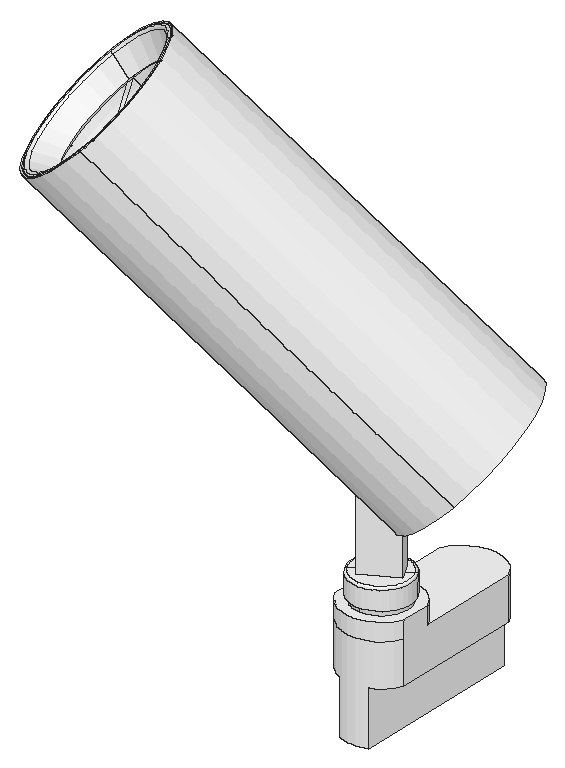
Revit family "0005448", category Lighting Fixtures, host Face, Revit 2017 (continued)
Definition of nested family "START Track Spot Integral Head"
  Types (3, lengths in mm): name | Photometric Web File | built-in parameter 1150142
    0005448 - 36 | "0005448_36.ies" | "IESNA:LM-63-2002\r\n[TEST] 202010556\r\n[TESTLAB] \r\n[TESTDATE] 25 May 2020\r\n[ISSUEDATE] 25 May 2020\r\n[MANUFAC] Sylvania\r\n[LUMCAT] 202010556\r\n[LUMINAIRE] FT1080-W-4000£¨36¡ã£©\r\n[FLASHAREA] 0.000985\r\n[LAMPCAT] 202010556\r\n[LAMP] LED 32W - 31.32 W\r\nTILT=NONE\r\n1 2907.00 1.0 181 4 1 2 -0.072 -0.072 0.000\r\n1.00 1.00 31.32\r\n0.00 1.00 2.00 3.00 4.00 5.00 6.00 7.00 8.00 9.00 10.00 \r\n11.00 12.00 13.00 14.00 15.00 16.00 17.00 18.00 19.00 \r\n20.00 21.00 22.00 23.00 24.00 25.00 26.00 27.00 28.00 \r\n29.00 30.00 31.00 32.00 33.00 34.00 35.00 36.00 37.00 \r\n38.00 39.00 40.00 41.00 42.00 43.00 44.00 45.00 46.00 \r\n47.00 48.00 49.00 50.00 51.00 52.00 53.00 54.00 55.00 \r\n56.00 57.00 58.00 59.00 60.00 61.00 62.00 63.00 64.00 \r\n65.00 66.00 67.00 68.00 69.00 70.00 71.00 72.00 73.00 \r\n74.00 75.00 76.00 77.00 78.00 79.00 80.00 81.00 82.00 \r\n83.00 84.00 85.00 86.00 87.00 88.00 89.00 90.00 91.00 \r\n92.00 93.00 94.00 95.00 96.00 97.00 98.00 99.00 100.00 \r\n101.00 102.00 103.00 104.00 105.00 106.00 107.00 108.00 \r\n109.00 110.00 111.00 112.00 113.00 114.00 115.00 116.00 \r\n117.00 118.00 119.00 120.00 121.00 122.00 123.00 124.00 \r\n125.00 126.00 127.00 128.00 129.00 130.00 131.00 132.00 \r\n133.00 134.00 135.00 136.00 137.00 138.00 139.00 140.00 \r\n141.00 142.00 143.00 144.00 145.00 146.00 147.00 148.00 \r\n149.00 150.00 151.00 152.00 153.00 154.00 155.00 156.00 \r\n157.00 158.00 159.00 160.00 161.00 162.00 163.00 164.00 \r\n165.00 166.00 167.00 168.00 169.00 170.00 171.00 172.00 \r\n173.00 174.00 175.00 176.00 177.00 178.00 179.00 180.00 \r\n0.00 30.00 60.00 90.00 \r\n6892.82 6879.19 6835.43 6773.37 6677.27 6556.53 6408.09 \r\n6235.57 6027.90 5801.54 5537.02 5268.26 4988.63 4700.43 \r\n4404.58 4106.01 3808.21 3509.46 3225.05 2951.28 2683.99 \r\n2426.96 2185.74 1956.04 1745.40 1548.97 1367.55 1204.35 \r\n1055.40 917.55 796.22 687.97 597.57 514.28 445.97 381.86 \r\n328.93 284.88 243.42 213.77 186.90 164.78 148.20 134.37 \r\n122.60 113.06 106.40 100.82 95.95 92.30 89.12 86.38 83.63 \r\n81.13 78.76 76.36 74.16 71.79 69.42 66.73 63.85 60.79 \r\n57.73 54.74 51.78 48.84 45.93 43.03 40.04 37.08 34.14 \r\n31.09 28.09 24.95 22.05 19.46 17.27 15.36 13.54 11.70 \r\n9.69 7.55 5.68 3.50 2.28 1.20 0.67 0.32 0.11 0.01 0.01 \r\n0.01 0.01 0.01 0.01 0.01 0.01 0.01 0.01 0.01 0.01 0.01 \r\n0.01 0.01 0.01 0.01 0.01 0.01 0.01 0.01 0.01 0.01 0.01 \r\n0.01 0.01 0.01 0.01 0.01 0.01 0.01 0.01 0.01 0.01 0.01 \r\n0.01 0.01 0.01 0.01 0.01 0.01 0.01 0.01 0.01 0.01 0.01 \r\n0.01 0.01 0.01 0.01 0.01 0.01 0.01 0.01 0.01 0.01 0.01 \r\n0.01 0.01 0.01 0.01 0.01 0.01 0.01 0.01 0.01 0.01 0.01 \r\n0.01 0.01 0.01 0.01 0.01 0.01 0.01 0.01 0.01 0.01 0.01 \r\n0.01 0.01 0.01 0.01 0.01 0.01 0.01 0.01 0.01 0.01 0.01 \r\n0.01 0.01 \r\n6860.26 6848.34 6811.74 6749.52 6659.02 6534.48 6381.83 \r\n6199.41 5995.07 5755.92 5501.63 5247.36 4960.87 4680.96 \r\n4388.20 4090.71 3794.42 3491.11 3212.90 2932.61 2665.68 \r\n2412.93 2164.89 1943.21 1723.61 1536.04 1357.67 1194.43 \r\n1051.46 910.38 792.23 685.42 593.26 513.68 438.61 379.34 \r\n323.62 279.79 239.43 208.83 183.53 163.01 147.36 133.43 \r\n122.49 114.02 107.25 101.84 97.33 93.74 90.57 87.97 85.24 \r\n82.52 80.15 77.60 75.08 72.75 70.20 67.30 64.20 60.94 \r\n57.72 54.77 51.71 48.78 45.88 42.86 39.93 36.90 34.02 \r\n31.04 28.10 25.17 22.05 19.58 17.52 15.68 13.83 11.94 \r\n10.01 7.83 5.68 3.76 1.91 1.16 0.65 0.29 0.03 0.01 0.01 \r\n0.01 0.01 0.01 0.01 0.01 0.01 0.01 0.01 0.01 0.01 0.01 \r\n0.01 0.01 0.01 0.01 0.01 0.01 0.01 0.01 0.01 0.01 0.01 \r\n0.01 0.01 0.01 0.01 0.01 0.01 0.01 0.01 0.01 0.01 0.01 \r\n0.01 0.01 0.01 0.01 0.01 0.01 0.01 0.01 0.01 0.01 0.01 \r\n0.01 0.01 0.01 0.01 0.01 0.01 0.01 0.01 0.01 0.01 0.01 \r\n0.01 0.01 0.01 0.01 0.01 0.01 0.01 0.01 0.01 0.01 0.01 \r\n0.01 0.01 0.01 0.01 0.01 0.01 0.01 0.01 0.01 0.01 0.01 \r\n0.01 0.01 0.01 0.01 0.01 0.01 0.01 0.01 0.01 0.01 0.01 \r\n0.01 0.01 \r\n6853.93 6849.97 6817.35 6749.66 6659.29 6536.87 6385.29 \r\n6203.84 5989.49 5757.16 5509.94 5242.09 4964.14 4677.83 \r\n4388.81 4090.96 3791.67 3495.43 3208.95 2931.73 2662.15 \r\n2409.45 2163.45 1933.57 1723.91 1527.64 1348.16 1187.06 \r\n1038.62 904.51 783.61 680.13 590.99 507.38 438.45 378.47 \r\n325.69 280.72 244.68 211.59 185.48 164.16 146.94 132.54 \r\n121.40 112.52 105.59 100.07 95.58 91.93 88.94 86.29 83.89 \r\n81.45 79.00 76.64 74.36 72.21 69.66 66.86 63.97 60.85 \r\n57.80 54.76 51.82 48.86 45.91 43.05 40.05 37.16 34.13 \r\n31.15 28.20 25.19 22.22 19.62 17.61 15.75 13.95 12.10 \r\n10.17 8.08 5.86 3.81 2.09 1.21 0.69 0.31 0.07 0.01 0.01 \r\n0.01 0.01 0.01 0.01 0.01 0.01 0.01 0.01 0.01 0.01 0.01 \r\n0.01 0.01 0.01 0.01 0.01 0.01 0.01 0.01 0.01 0.01 0.01 \r\n0.01 0.01 0.01 0.01 0.01 0.01 0.01 0.01 0.01 0.01 0.01 \r\n0.01 0.01 0.01 0.01 0.01 0.01 0.01 0.01 0.01 0.01 0.01 \r\n0.01 0.01 0.01 0.01 0.01 0.01 0.01 0.01 0.01 0.01 0.01 \r\n0.01 0.01 0.01 0.01 0.01 0.01 0.01 0.01 0.01 0.01 0.01 \r\n0.01 0.01 0.01 0.01 0.01 0.01 0.01 0.01 0.01 0.01 0.01 \r\n0.01 0.01 0.01 0.01 0.01 0.01 0.01 0.01 0.01 0.01 0.01 \r\n0.01 0.01 \r\n6857.63 6843.17 6810.51 6747.46 6656.37 6536.47 6386.32 \r\n6201.07 5998.21 5771.68 5514.16 5250.72 4973.44 4686.79 \r\n4395.07 4099.44 3803.11 3502.73 3215.50 2935.42 2665.66 \r\n2405.08 2158.89 1930.81 1715.14 1518.32 1339.50 1173.96 \r\n1029.26 894.22 773.67 670.41 577.11 499.84 428.49 369.11 \r\n317.63 272.94 238.10 207.88 183.29 162.44 145.60 132.04 \r\n121.34 112.98 105.66 100.50 96.21 92.60 89.53 86.84 84.34 \r\n81.77 79.28 76.76 74.55 72.18 69.57 66.77 63.85 60.81 \r\n57.75 54.76 51.82 48.81 45.92 42.99 40.05 37.07 34.16 \r\n31.27 28.31 25.40 22.42 19.77 17.66 15.71 13.84 11.89 \r\n9.88 7.73 5.74 3.68 2.25 1.26 0.71 0.32 0.09 0.01 0.01 \r\n0.01 0.01 0.01 0.01 0.01 0.01 0.01 0.01 0.01 0.01 0.01 \r\n0.01 0.01 0.01 0.01 0.01 0.01 0.01 0.01 0.01 0.01 0.01 \r\n0.01 0.01 0.01 0.01 0.01 0.01 0.01 0.01 0.01 0.01 0.01 \r\n0.01 0.01 0.01 0.01 0.01 0.01 0.01 0.01 0.01 0.01 0.01 \r\n0.01 0.01 0.01 0.01 0.01 0.01 0.01 0.01 0.01 0.01 0.01 \r\n0.01 0.01 0.01 0.01 0.01 0.01 0.01 0.01 0.01 0.01 0.01 \r\n0.01 0.01 0.01 0.01 0.01 0.01 0.01 0.01 0.01 0.01 0.01 \r\n0.01 0.01 0.01 0.01 0.01 0.01 0.01 0.01 0.01 0.01 0.01\r\n0.01 0.01 \r\n"
    0005448 - 54 | "0005448_54.ies" | "IESNA:LM-63-2002\r\n[TEST] 202010556\r\n[TESTLAB] \r\n[TESTDATE] 25 May 2020\r\n[ISSUEDATE] 25 May 2020\r\n[MANUFAC] Sylvania\r\n[LUMCAT] 202010556\r\n[LUMINAIRE] FT1080-W-4000£¨54¡ã£©\r\n[FLASHAREA] 0.000985\r\n[LAMPCAT] 202010556\r\n[LAMP] LED 32W - 31.26 W\r\nTILT=NONE\r\n1 3064.50 1.0 181 4 1 2 -0.072 -0.072 0.000\r\n1.00 1.00 31.26\r\n0.00 1.00 2.00 3.00 4.00 5.00 6.00 7.00 8.00 9.00 10.00 \r\n11.00 12.00 13.00 14.00 15.00 16.00 17.00 18.00 19.00 \r\n20.00 21.00 22.00 23.00 24.00 25.00 26.00 27.00 28.00 \r\n29.00 30.00 31.00 32.00 33.00 34.00 35.00 36.00 37.00 \r\n38.00 39.00 40.00 41.00 42.00 43.00 44.00 45.00 46.00 \r\n47.00 48.00 49.00 50.00 51.00 52.00 53.00 54.00 55.00 \r\n56.00 57.00 58.00 59.00 60.00 61.00 62.00 63.00 64.00 \r\n65.00 66.00 67.00 68.00 69.00 70.00 71.00 72.00 73.00 \r\n74.00 75.00 76.00 77.00 78.00 79.00 80.00 81.00 82.00 \r\n83.00 84.00 85.00 86.00 87.00 88.00 89.00 90.00 91.00 \r\n92.00 93.00 94.00 95.00 96.00 97.00 98.00 99.00 100.00 \r\n101.00 102.00 103.00 104.00 105.00 106.00 107.00 108.00 \r\n109.00 110.00 111.00 112.00 113.00 114.00 115.00 116.00 \r\n117.00 118.00 119.00 120.00 121.00 122.00 123.00 124.00 \r\n125.00 126.00 127.00 128.00 129.00 130.00 131.00 132.00 \r\n133.00 134.00 135.00 136.00 137.00 138.00 139.00 140.00 \r\n141.00 142.00 143.00 144.00 145.00 146.00 147.00 148.00 \r\n149.00 150.00 151.00 152.00 153.00 154.00 155.00 156.00 \r\n157.00 158.00 159.00 160.00 161.00 162.00 163.00 164.00 \r\n165.00 166.00 167.00 168.00 169.00 170.00 171.00 172.00 \r\n173.00 174.00 175.00 176.00 177.00 178.00 179.00 180.00 \r\n0.00 30.00 60.00 90.00 \r\n3774.09 3775.95 3774.78 3777.36 3777.48 3775.74 3766.49 \r\n3752.88 3732.56 3706.03 3668.29 3626.40 3576.63 3519.19 \r\n3455.35 3384.14 3307.92 3223.83 3130.43 3030.32 2919.50 \r\n2801.17 2674.45 2533.56 2387.13 2235.88 2076.78 1924.06 \r\n1765.35 1612.00 1459.88 1304.05 1163.47 1022.06 895.46 \r\n773.79 659.64 565.79 483.09 410.51 342.08 290.00 248.49 \r\n213.12 186.83 163.66 146.17 131.72 119.34 109.53 100.88 \r\n93.52 86.79 81.07 75.94 71.26 67.27 63.33 59.88 56.57 \r\n53.38 50.39 47.58 44.15 40.34 37.61 35.03 32.59 30.31 \r\n28.10 26.07 24.12 22.28 20.50 18.48 16.30 14.08 12.07 \r\n10.47 8.90 7.35 5.66 4.16 2.76 1.78 1.03 0.54 0.23 0.07 \r\n0.01 0.01 0.01 0.01 0.01 0.01 0.01 0.01 0.01 0.01 0.01 \r\n0.01 0.01 0.01 0.01 0.01 0.01 0.01 0.01 0.01 0.01 0.01 \r\n0.01 0.01 0.01 0.01 0.01 0.01 0.01 0.01 0.01 0.01 0.01 \r\n0.01 0.01 0.01 0.01 0.01 0.01 0.01 0.01 0.01 0.01 0.01 \r\n0.01 0.01 0.01 0.01 0.01 0.01 0.01 0.01 0.01 0.01 0.01 \r\n0.01 0.01 0.01 0.01 0.01 0.01 0.01 0.01 0.01 0.01 0.01 \r\n0.01 0.01 0.01 0.01 0.01 0.01 0.01 0.01 0.01 0.01 0.01 \r\n0.01 0.01 0.01 0.01 0.01 0.01 0.01 0.01 0.01 0.01 0.01 \r\n0.01 0.01 0.01 0.01 \r\n3750.96 3753.62 3760.69 3766.88 3770.97 3768.13 3760.87 \r\n3745.70 3726.67 3702.54 3669.00 3628.58 3577.60 3520.61 \r\n3457.86 3388.24 3317.29 3231.46 3141.23 3039.90 2928.40 \r\n2807.95 2671.18 2530.86 2376.22 2226.22 2069.65 1912.63 \r\n1761.11 1603.62 1457.06 1306.14 1161.70 1023.52 889.11 \r\n771.47 654.62 559.46 470.18 395.41 335.22 284.57 244.88 \r\n209.27 183.94 161.98 144.76 131.06 119.17 109.83 101.61 \r\n94.65 88.18 82.45 77.36 72.47 68.31 64.21 60.61 57.23 \r\n54.09 51.13 48.11 44.44 40.80 38.04 35.40 32.91 30.62 \r\n28.38 26.35 24.32 22.45 20.63 18.66 16.39 13.84 12.04 \r\n10.47 8.91 7.38 5.78 4.20 2.83 1.73 1.01 0.52 0.21 0.01 \r\n0.01 0.01 0.01 0.01 0.01 0.01 0.01 0.01 0.01 0.01 0.01 \r\n0.01 0.01 0.01 0.01 0.01 0.01 0.01 0.01 0.01 0.01 0.01 \r\n0.01 0.01 0.01 0.01 0.01 0.01 0.01 0.01 0.01 0.01 0.01 \r\n0.01 0.01 0.01 0.01 0.01 0.01 0.01 0.01 0.01 0.01 0.01 \r\n0.01 0.01 0.01 0.01 0.01 0.01 0.01 0.01 0.01 0.01 0.01 \r\n0.01 0.01 0.01 0.01 0.01 0.01 0.01 0.01 0.01 0.01 0.01 \r\n0.01 0.01 0.01 0.01 0.01 0.01 0.01 0.01 0.01 0.01 0.01 \r\n0.01 0.01 0.01 0.01 0.01 0.01 0.01 0.01 0.01 0.01 0.01 \r\n0.01 0.01 0.01 0.01 \r\n3745.00 3749.60 3758.91 3769.39 3772.34 3773.03 3765.68 \r\n3752.35 3731.62 3704.11 3670.81 3627.98 3574.74 3513.16 \r\n3446.63 3376.27 3301.07 3220.31 3131.03 3033.86 2925.68 \r\n2808.14 2679.67 2538.86 2391.15 2237.36 2080.93 1925.99 \r\n1772.95 1620.84 1469.09 1320.21 1173.49 1030.70 896.27 \r\n771.68 657.40 558.31 467.45 393.15 331.88 281.48 243.33 \r\n209.06 182.79 162.25 145.43 131.69 120.43 110.85 102.76 \r\n95.69 89.33 83.76 78.64 74.02 69.75 65.84 62.21 58.70 \r\n55.40 52.22 49.21 45.38 41.88 38.64 35.90 33.38 30.94 \r\n28.74 26.60 24.60 22.70 20.80 18.88 16.57 14.18 12.22 \r\n10.65 9.10 7.53 5.98 4.42 3.04 1.93 1.16 0.64 0.27 0.06 \r\n0.01 0.01 0.01 0.01 0.01 0.01 0.01 0.01 0.01 0.01 0.01 \r\n0.01 0.01 0.01 0.01 0.01 0.01 0.01 0.01 0.01 0.01 0.01 \r\n0.01 0.01 0.01 0.01 0.01 0.01 0.01 0.01 0.01 0.01 0.01 \r\n0.01 0.01 0.01 0.01 0.01 0.01 0.01 0.01 0.01 0.01 0.01 \r\n0.01 0.01 0.01 0.01 0.01 0.01 0.01 0.01 0.01 0.01 0.01 \r\n0.01 0.01 0.01 0.01 0.01 0.01 0.01 0.01 0.01 0.01 0.01 \r\n0.01 0.01 0.01 0.01 0.01 0.01 0.01 0.01 0.01 0.01 0.01 \r\n0.01 0.01 0.01 0.01 0.01 0.01 0.01 0.01 0.01 0.01 0.01\r\n0.01 0.01 0.01 0.01 \r\n3743.18 3746.48 3758.58 3771.11 3773.52 3773.09 3763.11 \r\n3747.00 3729.87 3703.86 3668.54 3626.74 3575.69 3516.30 \r\n3450.00 3382.83 3310.54 3227.29 3137.48 3038.49 2926.92 \r\n2807.24 2676.43 2537.19 2388.40 2236.36 2081.88 1924.78 \r\n1774.02 1621.25 1470.20 1322.92 1176.61 1039.21 906.35 \r\n780.51 666.27 564.84 475.83 395.01 332.67 285.09 243.91 \r\n211.32 185.69 164.79 146.93 132.85 120.95 111.17 103.12 \r\n96.06 89.87 84.23 79.18 74.43 70.06 66.08 62.27 58.80 \r\n55.45 52.29 49.34 45.49 42.66 38.87 36.25 33.67 31.27 \r\n29.01 26.90 24.86 22.91 21.01 18.96 16.69 14.35 12.34 \r\n10.75 9.20 7.64 6.07 4.55 3.12 2.03 1.23 0.71 0.31 0.10 \r\n0.01 0.01 0.01 0.01 0.01 0.01 0.01 0.01 0.01 0.01 0.01 \r\n0.01 0.01 0.01 0.01 0.01 0.01 0.01 0.01 0.01 0.01 0.01 \r\n0.01 0.01 0.01 0.01 0.01 0.01 0.01 0.01 0.01 0.01 0.01 \r\n0.01 0.01 0.01 0.01 0.01 0.01 0.01 0.01 0.01 0.01 0.01 \r\n0.01 0.01 0.01 0.01 0.01 0.01 0.01 0.01 0.01 0.01 0.01 \r\n0.01 0.01 0.01 0.01 0.01 0.01 0.01 0.01 0.01 0.01 0.01 \r\n0.01 0.01 0.01 0.01 0.01 0.01 0.01 0.01 0.01 0.01 0.01 \r\n0.01 0.01 0.01 0.01 0.01 0.01 0.01 0.01 0.01 0.01 0.01\r\n0.01 0.01 0.01 0.01 \r\n"
  Reference planes
    plane 1 "Center (Front/Back)": y = 0
    plane 2: z = 0
    plane 3 "Center (Left/Right)": x = 0
    plane 4: x = 40
    plane 5: z = 16.8
    plane 6: z = -183.2
    plane 7: x = 39
    plane 8: x = 30.5
    plane 9: x = 16.5
    plane 10: z = -172.575
    plane 11: z = -151.95
    plane 12: z = -11.2
    plane 13: x = 38
    plane 14: x = 34.25
    plane 15: z = -170.575
    plane 16: z = -149.95
    plane 17: z = -1
    plane 18: x = 4.75
    plane 19: x = -4.75
    plane 20: y = -40
    plane 21: y = -21
    plane 22: x = 37
    plane 23: y = -30.5
  Forms (mm)
    Extrusion 1, solid
      sketch origin (4.2, 0, 0) x (1, 0, 0) y (0, 1, 0)
        loop
          line (-1219.2, 1219.2) -> (-1219.2, -1219.2) -> (1219.2, -1219.2) -> (1219.2, 1219.2) -> (-1219.2, 1219.2)
      from 0 to -68.017
    Revolve 2, solid, material <- "Material_1_SYL"
      sketch origin (0, 0, 0) x (1, 0, 0) y (0, 0, 1)
        loop
          line (40, -183.2) -> (40, 16.8) -> (39, 16.8) -> (39, -183.2) -> (40, -183.2)
        axis (0, 16.8) -> (0, -183.2)
      angle from 360 to 0
    Revolve 3, solid, material <- "Material_1_SYL"
      sketch origin (0, 0, 0) x (1, 0, 0) y (0, 0, 1)
        loop
          line (39, 16.8) -> (38, 16.8)
          arc (38, 16.8) -> (34.25, 15.673) -> (30.5, 16.8) r 6.804
          line (30.5, 16.8) -> (0, 16.8) -> (0, -11.2) -> (39, -11.2) -> (39, 16.8)
        axis (0, 16.8) -> (0, -11.2)
      angle from 360 to 0
    Revolve 4, solid, material <- "Material_2_SYL"
      sketch origin (0, 0, 0) x (1, 0, 0) y (0, 0, 1)
        loop
          line (39, -170.575) -> (0, -170.575) -> (0, -172.575) -> (39, -172.575) -> (39, -170.575)
        axis (0, -170.575) -> (0, -172.575)
      angle from 360 to 0
    Revolve 5, solid
      sketch origin (0, 0, 0) x (1, 0, 0) y (0, 0, 1)
        loop
          line (0, -151.95) -> (16.5, -151.95)
          arc (16.5, -151.95) -> (29.364, -157.461) -> (34.25, -170.575) r 17.771
          line (34.25, -170.575) -> (39, -170.575) -> (39, -149.95) -> (0, -149.95) -> (0, -151.95)
        axis (0, -149.95) -> (0, -170.575)
      angle from 360 to 0
    Extrusion 6, void
      sketch origin (1524, -40, 1219.2) x (-1, 0, 0) y (0, 0, 1)
        loop
          line (1528.75, -1230.4) -> (1528.75, -1202.4) -> (1519.25, -1202.4) -> (1519.25, -1230.4) -> (1528.75, -1230.4)
      from 0 to 19
    Revolve 7, solid, material <- "Material_1_SYL"
      sketch origin (0, 0, 0) x (1, 0, 0) y (0, 0, 1)
        loop
          line (30.5, -172.575) -> (36.506, -182.393)
          arc (36.506, -182.393) -> (37.019, -182.981) -> (37.767, -183.2) r 1.388
          line (37.767, -183.2) -> (39, -183.2) -> (39, -172.575) -> (30.5, -172.575)
        axis (0, -172.575) -> (0, -183.2)
      angle from 360 to 0
  Cuts and joins
    Extrusion 6 cuts Revolve 3
    Extrusion 6 cuts Revolve 2
  Lines and regions (mm)
    reference lines
      curve 1: arc (30.5, 0, 16.8) -> (34.25, 0, 15.673) -> (38, 0, 16.8) r 6.804
      curve 2: line (30.5, 0, -172.575) -> (37, 0, -183.2)
  Dimensions and locks
    "RadiusHead_SYL": plane 4 to plane 3 "Center (Left/Right)"
    "DistRotateAxisY_SYL": plane 5 to plane 2
    "Height_SYL": plane 5 to plane 6
    locked: plane 4 to plane 7 at 1
    "RadiusLensOut_SYL": plane 8 to plane 3 "Center (Left/Right)"
    "RadiusEmission_SYL": plane 9 to plane 3 "Center (Left/Right)"
    "DepthLens_SYL": plane 10 to plane 6
    "DepthEmission_SYL": plane 11 to plane 6
    locked: plane 5 to plane 12 at 28
    locked: plane 4 to plane 13 at 2
    equal spacing: plane 13, plane 14, plane 8
    locked: plane 5 to curve 1 at 1.127
    locked: plane 15 to plane 10 at 2
    locked: plane 16 to plane 11 at 2
    locked: plane 2 to plane 17 at 1
    equal spacing: plane 18, plane 3 "Center (Left/Right)", plane 19
    "WidthCutOut_SYL": plane 18 to plane 19
    "RadiusHead_SYL": plane 20 to plane 1 "Center (Front/Back)"
    "DepthCutOut_SYL": plane 20 to plane 21
    locked: plane 4 to plane 22 at 3
    equal spacing: plane 20, plane 23, plane 21
    aligned and locked: plane 2 to Extrusion 1
    aligned and locked: level to Extrusion 1
    aligned and locked: plane 8 to curve 1
    aligned and locked: plane 13 to curve 1
    aligned and locked: plane 14 to curve 1
    aligned and locked: plane 5 to curve 1
    aligned and locked: Revolve 2 sketch curve to plane 3 "Center (Left/Right)"
    aligned and locked: Revolve 2 sketch curve to plane 6
    aligned and locked: Revolve 2 sketch curve to plane 4
    aligned and locked: plane 5 to Revolve 2 sketch curve
    aligned and locked: plane 7 to Revolve 2 sketch curve
    aligned and locked: Revolve 3 sketch curve to plane 3 "Center (Left/Right)"
    aligned and locked: Revolve 3 sketch curve to Revolve 2  (x3)
    aligned and locked: Revolve 3 sketch curve to plane 12
    aligned and locked: plane 3 "Center (Left/Right)" to Revolve 3 sketch curve
    aligned and locked: Revolve 3 sketch curve to curve 1
    aligned and locked: plane 5 to Revolve 3 sketch curve
    aligned and locked: Revolve 4 sketch curve to plane 3 "Center (Left/Right)"  (x2)
    aligned and locked: Revolve 4 sketch curve to plane 15
    aligned and locked: plane 7 to Revolve 4 sketch curve
    aligned and locked: Revolve 5 sketch curve to plane 3 "Center (Left/Right)"  (x2)
    aligned and locked: plane 3 "Center (Left/Right)" to Revolve 5 sketch curve
    aligned and locked: plane 9 to Revolve 5 sketch curve
    aligned and locked: plane 11 to Revolve 5 sketch curve
    aligned and locked: plane 14 to Revolve 5 sketch curve
    aligned and locked: plane 15 to Revolve 5 sketch curve
    aligned and locked: plane 12 to Extrusion 6 sketch curve
    aligned and locked: Extrusion 6 sketch curve to plane 19
    aligned and locked: Extrusion 6 sketch curve to plane 5
    aligned and locked: plane 18 to Extrusion 6 sketch curve
    aligned and locked: Extrusion 6 to plane 21
    aligned and locked: plane 20 to Extrusion 6
    aligned and locked: plane 10 to curve 2
    aligned and locked: plane 22 to curve 2
    aligned and locked: Revolve 7 sketch curve to plane 3 "Center (Left/Right)"
    aligned and locked: plane 10 to Revolve 7 sketch curve
    aligned and locked: Revolve 7 sketch curve to Revolve 4
    aligned and locked: Revolve 7 sketch curve to curve 2
    aligned and locked: plane 3 "Center (Left/Right)" to imposter light
    aligned and locked: imposter light to plane 1 "Center (Front/Back)"
    aligned and locked: imposter light to plane 10
  Automatic sketch dimensions
    Extrusion 1 sketch curve to Extrusion 1 sketch curve = 2438.4 mm  (x2)
    plane 6 to Revolve 2 sketch curve = 487.1 mm
    Revolve 2 sketch curve to plane 5 = 2571.558 mm
    plane 6 to Revolve 3 sketch curve = 487.1 mm
    Revolve 3 sketch curve to Revolve 3 sketch curve = 2566.685 mm
    plane 6 to Revolve 4 sketch curve = 487.1 mm
    Revolve 4 sketch curve to plane 5 = 2571.558 mm
    Revolve 5 sketch curve to plane 11 = 2 mm
    plane 6 to Revolve 5 sketch curve = 487.1 mm
    Revolve 5 sketch curve to plane 5 = 2571.558 mm
    Revolve 5 sketch curve to plane 7 = 0 mm
    Revolve 4 sketch curve to plane 10 = 0 mm
    curve 2 to plane 8 = 0 mm
    curve 1 to plane 14 = 0 mm
    curve 2 to plane 6 = 0 mm
    curve 1 to plane 13 = 0 mm
    Revolve 7 sketch curve to plane 6 = 0 mm
    Revolve 7 sketch curve to plane 22 = 0.494 mm
    Revolve 7 sketch curve to plane 13 = 0.233 mm
    plane 6 to Revolve 7 sketch curve = 474.6 mm
    Revolve 7 sketch curve to plane 5 = 2584.058 mm
Types (3, lengths in mm): name | TypeHead_SYL
  0005448 PIXO MEDIUM 3000LM 940 NB MB WB WHT - 24 degree | START Track Spot Integral Head : 0005448 - 24
  0005448 PIXO MEDIUM 3000LM 940 NB MB WB WHT - 36 degree | START Track Spot Integral Head : 0005448 - 36
  0005448 PIXO MEDIUM 3000LM 940 NB MB WB WHT - 54 degree | START Track Spot Integral Head : 0005448 - 54
